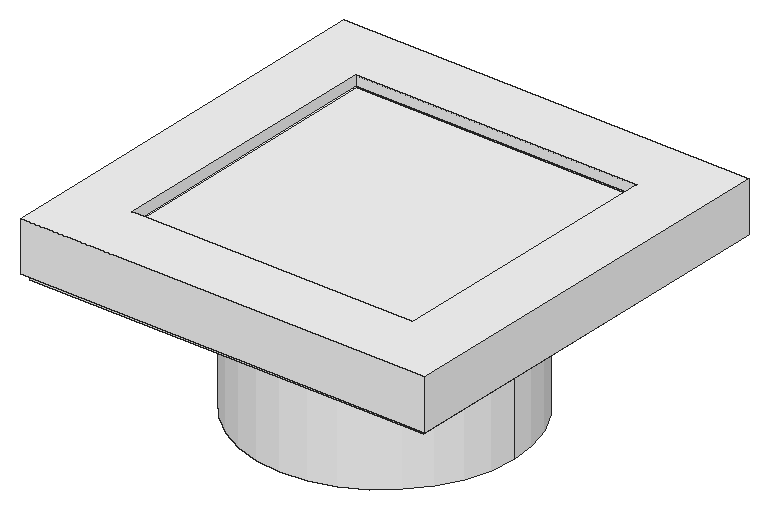
Revit family "Gira_0127005", category Electrical Fixtures, host Face, Revit 2017
Family settings
  Host = Face
  Maintain Annotation Orientation = Yes
  Round Connector Dimension = Use Diameter
  Part Type = Normal
  Cut with Voids When Loaded = No
  Shared = No
  Room Calculation Point = No
Parameters (values of type "Tastschalter Kreuz System 55 Schwarz m")
  Zusammenstellung = "Basiselement mit zentraler Abdeckplatte"
  White [instance] = White
  Werkstoffgüte = "sonstige"
  Werkstoff = "sonstige"
  Waschmaschinenschalter = "No"
  URL = "http://katalog.gira.de/de_DE/datenblatt.html?artikelnr=0127005"
  Textfeld/Beschriftungsfläche = "nein"
  Tastschalter = "Yes"
  Schaltungsart = "Kreuzschalter"
  Rückmeldekontakt = "No"
  Region = "DE"
  Oberfläche = "sonstige"
  Nennspannung = "250 Volt"
  Name = "Tastschalter Kreuz System 55 Schwarz m"
  Montageart = "unter Putz"
  Model = "Sys55_Komplettgerät_Schalten und Tasten"
  Mit Montageplatte = "No"
  Manufacturer URL = "https://www.gira.de/"
  HeinzeBIM = "https://bimportal.heinze.de/bim/tastschalter-kreuz-system-55-schwarz-m/7bf5ad650cb746e9be9a2aa92e092958bcac4064"
  Halogenfrei = "No"
  HAN = "0127005"
  Geeignet für Schutzart (IP) = "IP20"
  GTIN = "4010337037989"
  Farbe = "schwarz"
  Default Elevation = 1219.2 mm
  Data sheet (1) = "https://katalog.gira.de/de_DE/download.html?artikelnr=0127005"
  Category = "Installationsschalter"
  Bemessungsstrom = "10 Ampere"
  Beleuchtung = "nein"
  Befestigungsart = "Krallen-/Schraubbefestigung"
  Bedienungsart = "Wippe/Taste"
  Available = "Yes"
  Ausführung der Oberfläche = "matt"
  Anzahl der Module (bei Modulbauweise) = "1 "
  Anzahl der Betätigungswippen = "1 "
  Anschlussart = "Steckklemme"
Reference planes
  plane 1 "Center (Front/Back)": y = 0
  plane 2: z = 0
  plane 3 "Center (Left/Right)": x = 0
Forms (mm)
  Extrusion 1, solid, material "White" <- "White", detail levels medium
    sketch origin (0, 0, 0) x (1, 0, 0) y (0, 1, 0)
      loop
        line (-40.4, 40.4) -> (-40.4, -40.4) -> (40.4, -40.4) -> (40.4, 40.4) -> (-40.4, 40.4)
      loop
        line (-28, 28) -> (-28, -28) -> (28, -28) -> (28, 28) -> (-28, 28)
    from 0 to 10
  Extrusion 2, solid, material "White" <- "White", detail levels fine
    sketch origin (0, 0, 0) x (1, 0, 0) y (0, 1, 0)
      loop
        line (-40.4, 40.4) -> (-40.4, -40.4) -> (40.4, -40.4) -> (40.4, 40.4) -> (-40.4, 40.4)
      loop
        line (-28, 28) -> (-28, -28) -> (28, -28) -> (28, 28) -> (-28, 28)
    from 0 to 10
  Extrusion 3, void
    sketch origin (0, 0, 0) x (1, 0, 0) y (0, 1, 0)
      loop
        line (-38.4, 38.4) -> (-38.4, -38.4) -> (38.4, -38.4) -> (38.4, 38.4) -> (-38.4, 38.4)
    from 0 to 8
  Extrusion 4, solid, material "White" <- "White", detail levels medium+fine
    sketch origin (0, 0, 0) x (1, 0, 0) y (0, 1, 0)
      loop
        line (-39.4, 39.4) -> (-39.4, -39.4) -> (39.4, -39.4) -> (39.4, 39.4) -> (-39.4, 39.4)
    from 0 to -1
  Extrusion 5, solid, material "White" <- "White", detail levels medium+fine
    sketch origin (0, 0, 0) x (1, 0, 0) y (0, 1, 0)
      loop
        line (-35.5, 35.5) -> (-35.5, -35.5) -> (35.5, -35.5) -> (35.5, 35.5) -> (-35.5, 35.5)
    from -2 to -3
  Extrusion 6, solid, material "White" <- "White", detail levels medium+fine
    sketch origin (0, 0, 0) x (1, 0, 0) y (0, 1, 0)
      loop
        circle (0, 0) r 26
    from 0 to -27.5
  Extrusion 7, solid, material "White" <- "White", detail levels coarse
    sketch origin (0, 0, 0) x (1, 0, 0) y (0, 1, 0)
      loop
        line (-40.4, 40.4) -> (-40.4, -40.4) -> (40.4, -40.4) -> (40.4, 40.4) -> (-40.4, 40.4)
    from -27.5 to 10
Cuts and joins
  Extrusion 3 cuts Extrusion 2
Dimensions and locks
  aligned and locked: plane 2 to host face
  aligned and locked: level to host face
  aligned and locked: plane 3 "Center (Left/Right)" to nested 2
  aligned and locked: plane 1 "Center (Front/Back)" to nested 2
Nested families
  nested 1: "Sys55_Abdeckung_Schalten und Tasten_floor_base" at (0, 0, 0), type "Sys55_Abdeckung_Schalten und Tasten_floor_base"
  nested 2: "Schalter" at (0, 0, 0), type "Schalter"
Connectors
  electrical at (0, 0, -27.5)
    settings: on Extrusion 6, index 1, voltage 220 V, apparent load 0 VA, apparent load phase1 0 VA, apparent load phase2 0 VA, apparent load phase3 0 VA, power factor 1, load classification "Other", number of poles 1, system type 30, power factor state 1, is connector primary yes, connector utility no, sub classification motor no, connector description ""
Definition of nested family "Sys55_Abdeckung_Schalten und Tasten_floor_base"
  Parameters
    Default Elevation = 1219.2 mm
    White [instance] = none
  Reference planes
    plane 1 "Center (Front/Back)": y = 0
    plane 2: z = 0
    plane 3 "Center (Left/Right)": x = 0
  Forms (mm)
    Extrusion 1, solid
      sketch origin (0, 0, 0) x (1, 0, 0) y (0, 1, 0)
        loop
          line (-1219.2, 1219.2) -> (-1219.2, -1219.2) -> (1219.2, -1219.2) -> (1219.2, 1219.2) -> (-1219.2, 1219.2)
      from 0 to -304.8
    Extrusion 2, solid, material <- "White", detail levels fine
      sketch origin (0, 0, 0) x (1, 0, 0) y (0, 1, 0)
        loop
          line (-27.5, 27.5) -> (-27.5, -27.5) -> (27.5, -27.5) -> (27.5, 27.5) -> (-27.5, 27.5)
      from 0 to 8
    Extrusion 3, void
      sketch origin (0, 0, 0) x (1, 0, 0) y (0, 1, 0)
        loop
          line (26, 26) -> (-26, 26) -> (-26, -26) -> (26, -26) -> (26, 26)
      from 0 to 6
    Extrusion 4, solid, material <- "White", detail levels medium
      sketch origin (0, 0, 0) x (1, 0, 0) y (0, 1, 0)
        loop
          line (-27.5, 27.5) -> (-27.5, -27.5) -> (27.5, -27.5) -> (27.5, 27.5) -> (-27.5, 27.5)
      from 0 to 8
    Extrusion 5, solid, material <- "White", detail levels medium
      sketch origin (0, 0, 0) x (1, 0, 0) y (0, 1, 0)
        loop
          line (11, -17.5) -> (11, 17.5) -> (-11, 17.5) -> (-11, -17.5) -> (11, -17.5)
      from -6 to 6
    Extrusion 6, solid, material <- "White", detail levels fine
      sketch origin (0, 0, 0) x (1, 0, 0) y (0, 1, 0)
        loop
          line (11, 17.5) -> (-11, 17.5) -> (-11, 16.5) -> (11, 16.5) -> (11, 17.5)
        loop
          line (-11, -16.5) -> (-11, -17.5) -> (11, -17.5) -> (11, -16.5) -> (-11, -16.5)
      from -4 to 6
    Extrusion 7, solid, material <- "White", detail levels fine
      sketch origin (0, 0, 0) x (1, 0, 0) y (0, 1, 0)
        loop
          arc (5, 9.347) -> (0, 10.6) -> (-5, 9.347) r 10.6
          line (-5, 9.347) -> (-5, -9.347)
          arc (-5, -9.347) -> (0, -10.6) -> (5, -9.347) r 10.6
          line (5, -9.347) -> (5, 9.347)
      from -6 to 6
    Extrusion 8, solid, material <- "White", detail levels coarse
      sketch origin (0, 0, 0) x (1, 0, 0) y (0, 1, 0)
        loop
          line (-27.5, 27.5) -> (-27.5, -27.5) -> (27.5, -27.5) -> (27.5, 27.5) -> (-27.5, 27.5)
      from -6 to 8
  Cuts and joins
    Extrusion 3 cuts Extrusion 2
  Dimensions and locks
    aligned and locked: plane 2 to Extrusion 1
    aligned and locked: level to Extrusion 1
Definition of nested family "Schalter"
  Reference planes
    plane 1: y = 0
    plane 2: x = 0
  Lines and regions (mm)
    detail lines
      curve 1: circle (1.375, 2.778, 0) r 0.8 normal (0, 0, 1)
      curve 2: line (1.021, 2.061, 0) -> (0, 0, 0)
      curve 3: line (0, 0, 0) -> (-0.538, 0.266, 0)
  Dimensions and locks
    curve 2 to curve 2 = 2.3 mm
    curve 3 to curve 2 = 0.6 mm
    radius of curve 1 = 0.8 mm
